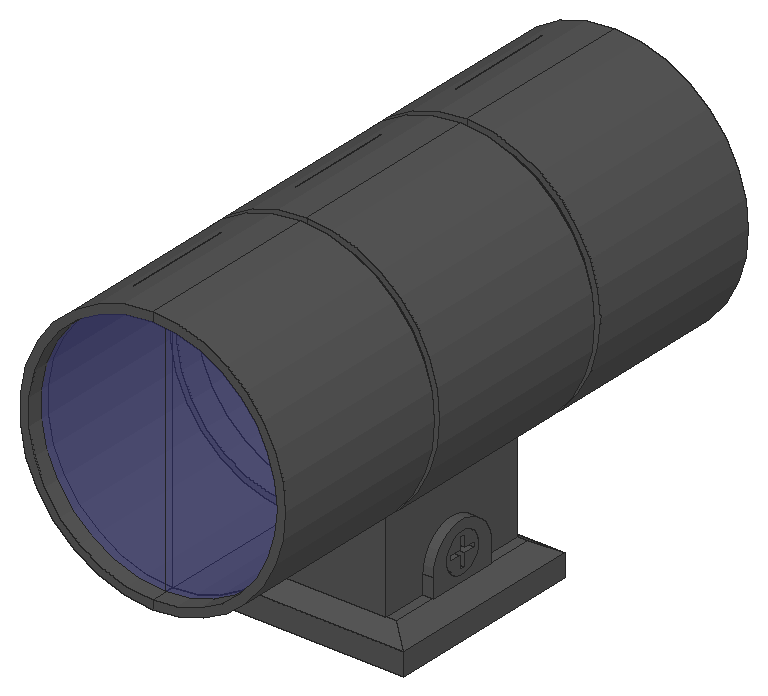
Revit family "CARLO CYLINDER LIGHT WALL MOUNT", category Lighting Fixtures, host Face, Revit 2020 (continued)
Types (10): name | Wattage_Input | Wattage Comments | Wattage | Photometric Web File | built-in parameter 1150142 | Model | built-in parameter 1150105 | Lumens | Light Length 1 | LIGHT RADIUS | LIGHT PLACEMENT | LIGHT LENGTH | LIGHT DIA | built-in parameter 1150106 | FIXED END HEIGHT | Curve base Height | Base Curve | BEAMING ANGLE | Apparent Load
    3317 1.3957 1.4636 1.5431 1.6333 1.7364 1.8509 1.9767 \r\n 2.1129 2.2563 2.4133 2.5855 2.7837 3.0239 3.2917 3.5744 3.8835 4.2236 \r\n 4.6028 5.0456 5.5072 5.932 6.3771 6.8999 7.4443 7.9613 8.4867 9.0538 \r\n 9.6204 10.137 10.658 11.243 11.829 12.349 12.872 13.461 14.074 14.672 \r\n 15.3 15.968 16.741 17.664 18.81 20.219 22.044 24.558 27.439 29.466 \r\n 33.614 42.914 55.978 73.19 92.268 110.54 129.55 150.6 171.83 191.96 \r\n 210.59 227.09 240.86 250.67 257.76 262.66 266.22 269.44 272.29 275.07 \r\n 277.81 280.7 283.65 286.7 289.66 292.19 294.74 297.85 300.97 303.63 \r\n 306.21 309.02 311.79 314.36 316.81 319.13 321.49 324.04 326.72 329.47 \r\n 332.41 335.64 339.14 342.8 346.88 351.54 356.92 363.05 370.4 379.19 \r\n 390.25 404.26 421.91 443.63 470.88 504.94 546.78 597.6 658.06 728.4 \r\n 811.07 912.23 1021 1119.7 1234.4 1392 1572 1764.3 1964.6 2165 \r\n 2366.8 2570.5 2770.5 2964.1 3143.2 3298.1 3430.2 3538.6 3620 3666.8 \r\n 3691.1 3698.7 3701.4 3716.4 3732.4 3743.4 3750.6 3753.3 3751.5 3744.9 \r\n 3733.6 \r\n3725 3723.2 3717.7 3711.8 3700.5 3681.7 3648.1 3591.4 3511.6 3406.6 \r\n 3273.7 3102 2914.6 2732.7 2549.7 2367.3 2181.7 1985.5 1790.4 1603.8 \r\n 1429.9 1275.8 1140.1 1026.2 927.36 838.26 758.87 687.12 623.9 569.72 \r\n 523.59 484.91 453.02 427.52 407.12 390.56 377.37 366.85 358.47 351.59 \r\n 345.93 340.97 336.73 333.14 329.92 326.73 323.69 320.85 318.09 315.26 \r\n 312.53 310.04 307.71 305.56 303.39 300.85 298.38 296.33 294.5 292.79 \r\n 291.21 289.74 288.3 286.77 285.24 283.71 282.25 280.96 279.74 278.68 \r\n 277.45 276.82 273.54 263.08 250.1 238.23 226.05 214.43 200.26 179.26 \r\n 155.83 133.06 110.71 89.371 69.667 51.835 37.608 29.844 25.407 22.098 \r\n 19.976 18.4 17.276 16.275 15.46 14.801 14.233 13.681 13.146 12.606 \r\n 12.065 11.516 10.971 10.443 9.9194 9.3885 8.8523 8.3026 7.7593 7.2464 \r\n 6.7434 6.2292 5.7306 5.2765 4.8386 4.3852 3.9551 3.5797 3.2493 2.9707 \r\n 2.7266 2.5003 2.2965 2.1144 1.9543 1.8183 1.6998 1.594 1.4983 1.4066 \r\n 1.3252 1.263 1.2058 1.138 1.0727 1.0211 0.97456 0.92582 0.88145 0.84834 \r\n 0.81822 0.7834 0.74914 0.71878 0.69045 0.66402 0.63765 0.60845 0.57993 0.55623 \r\n 0.53261 0.50466 0.47563 0.4478 0.41963 0.38913 0.35991 0.33657 0.31418 0.28827 \r\n 0.26205 0.23749 0.21394 0.19168 0.16993 0.14797 0.12594 0.10263 0.081341 0.06693 \r\n 0.053486 0.03415 0.016636 0.0078707 0.0033551 0.0011302 0.00050322 0.000076 0.000005 0 \r\n 0.00015037 0.0070773 0.018526 0.035333 0.054847 0.074877 0.094886 0.11221 0.13104 0.15613 \r\n 0.18316 0.20916 0.23478 0.25955 0.28383 0.30772 0.33157 0.35543 0.38036 0.40807 \r\n 0.43666 0.46379 0.49247 0.52655 0.5611 0.5914 0.62063 0.65037 0.68075 0.7126 \r\n 0.7455 0.77927 0.81411 0.85265 0.89451 0.94066 0.98961 1.0402 1.0925 1.1446 \r\n 1.2014 1.2697 1.3412 1.4064 1.4752 1.554 1.6439 1.7487 1.8658 1.9941 \r\n 2.1325 2.2772 2.4352 2.6089 2.8079 3.0461 3.3131 3.6008 3.9157 4.2584 \r\n 4.6392 5.083 5.5458 5.9737 6.4217 6.9443 7.488 8.0058 8.5324 9.1013 \r\n 9.6692 10.186 10.707 11.29 11.873 12.387 12.908 13.504 14.125 14.723 \r\n 15.355 16.047 16.854 17.818 19.011 20.457 22.334 24.895 27.935 30.36 \r\n 35.096 45.234 59.175 77.162 96.764 114.96 133.76 155 176.15 195.04 \r\n 212.48 229.1 243.37 253.7 260.95 264.8 267.19 270.21 273.11 275.79 \r\n 278.43 281.25 284.14 287.13 290.03 292.52 295.06 298.21 301.39 304.1 \r\n 306.75 309.66 312.56 315.21 317.73 320.08 322.45 325.04 327.78 330.67 \r\n 333.75 337.07 340.63 344.39 348.59 353.44 359.04 365.36 372.98 382.22 \r\n 393.87 408.63 427.16 449.9 478.29 513.61 556.82 609.1 671.14 743.15 \r\n 827.75 931.18 1042.7 1145.6 1264.5 1425.1 1607.2 1800.4 2000.4 2198.8 \r\n 2398.1 2600.2 2798.8 2991.5 3169 3320.4 3448 3551.1 3627.6 3670.5 \r\n 3692.9 3702.3 3707.6 3723.3 3739.2 3749.3 3755.2 3756.6 3753.6 3746 \r\n 3733.6 \r\n3725 3724.1 3719.6 3714.5 3704.7 3689 3659.6 3608.9 3535.6 3436 \r\n 3308.9 3145.8 2965.5 2785.5 2601.6 2416.4 2227.6 2030.7 1834.8 1645.2 \r\n 1467.3 1307.7 1168.4 1058.1 963.4 872.82 789.04 709.37 638.49 581.69 \r\n 534.44 493.91 460.39 433.71 412.37 394.94 381.05 370.01 361.26 354.09 \r\n 348.19 343 338.56 334.85 331.5 328.08 324.78 321.67 318.63 315.52 \r\n 312.47 309.54 306.76 304.23 301.69 298.71 295.81 293.48 291.41 289.4 \r\n 287.53 285.8 284.17 282.57 281.04 279.56 278.21 277.07 276.02 275.03 \r\n 273.86 273.07 270.18 261.8 251.21 241.01 229.79 217.61 202.72 182.28 \r\n 159.59 136.87 114.55 93.865 74.599 56.113 40.877 32.153 26.934 23.41 \r\n 21.247 19.485 18.184 17.077 16.183 15.455 14.828 14.22 13.639 13.067 \r\n 12.501 11.934 11.371 10.816 10.266 9.7163 9.1625 8.5873 8.0214 7.5006 \r\n 6.992 6.4635 5.9484 5.4777 5.0255 4.566 4.13 3.741 3.3957 3.1058 \r\n 2.8503 2.6091 2.3917 2.2017 2.0365 1.8979 1.7769 1.6652 1.5629 1.4655 \r\n 1.3789 1.3123 1.252 1.1833 1.1176 1.0639 1.015 0.96512 0.91917 0.88224 \r\n 0.8484 0.81241 0.77721 0.74395 0.71273 0.68524 0.65795 0.62689 0.59693 0.57379 \r\n 0.55091 0.52208 0.49207 0.46439 0.43669 0.40684 0.37773 0.3526 0.32833 0.30217 \r\n 0.27618 0.2516 0.22805 0.20583 0.18415 0.16235 0.1403 0.11634 0.094433 0.080303 \r\n 0.06703 0.046877 0.028017 0.017633 0.010957 0.0053111 0.0016002 0.00022469 0.000017 0 \r\n 0.00011251 0.0047809 0.013864 0.029938 0.049296 0.069267 0.089325 0.10664 0.12545 0.15057 \r\n 0.1775 0.20294 0.22825 0.25399 0.27931 0.30313 0.32686 0.35151 0.37728 0.40527 \r\n 0.43383 0.46048 0.48873 0.52318 0.55807 0.5879 0.61651 0.64583 0.67609 0.70847 \r\n 0.74207 0.77624 0.81149 0.85013 0.89157 0.93627 0.98344 1.0322 1.0833 1.136 \r\n 1.1936 1.2609 1.3315 1.3982 1.4686 1.5476 1.6373 1.7424 1.8601 1.9895 \r\n 2.1293 2.2754 2.4351 2.6124 2.8131 3.0455 3.3067 3.5959 3.9157 4.2664 \r\n 4.6545 5.0991 5.5623 5.9962 6.4487 6.9677 7.5056 8.0198 8.5437 9.1113 \r\n 9.6785 10.194 10.714 11.294 11.875 12.39 12.914 13.517 14.147 14.749 \r\n 15.395 16.124 16.978 17.991 19.238 20.74 22.692 25.29 28.545 31.619 \r\n 37.256 48.522 63.616 82.582 102.96 121.56 140.57 162.24 183.27 200.35 \r\n 215.76 231.23 245.02 256.08 264.11 267.5 269.18 271.84 274.48 276.94 \r\n 279.41 282.03 284.74 287.55 290.32 292.78 295.32 298.46 301.64 304.38 \r\n 307.04 309.96 312.85 315.52 318.04 320.36 322.68 325.24 327.98 330.93 \r\n 334.08 337.41 340.98 344.78 349.05 354.02 359.78 366.22 374.09 383.86 \r\n 396.28 412.02 431.76 455.99 485.97 522.78 567.42 620.95 684.22 757.63 \r\n 843.59 947.3 1060.9 1172 1299.2 1462.7 1645.9 1841.2 2042.1 2237.7 \r\n 2433 2631.2 2826.7 3019.5 3197 3345.1 3468 3565.4 3636.3 3675.2 \r\n 3695.5 3707.4 3715.6 3731 3745.6 3754.7 3759.5 3759.5 3755 3746.1 \r\n 3733.6 \r\n3725 3725.1 3721.5 3717.1 3708.5 3695.3 3669.7 3624.7 3557.7 3463.5 \r\n 3342.8 3189.6 3017.8 2839.8 2654.8 2466 2273.5 2076.2 1879.9 1687.8 \r\n 1506.4 1342 1199.4 1092.3 1001 908.66 820.32 732.48 653.75 594.28 \r\n 545.94 503.58 468.41 440.5 418.15 399.79 385.11 373.5 364.31 356.8 \r\n 350.64 345.22 340.58 336.73 333.23 329.58 326.01 322.65 319.34 315.97 \r\n 312.6 309.24 305.98 303.06 300.13 296.71 293.4 290.78 288.44 286.12 \r\n 283.93 281.93 280.09 278.41 276.87 275.43 274.16 273.17 272.26 271.33 \r\n 270.19 269.14 266.58 260.46 252.42 243.91 233.53 220.4 204.46 184.75 \r\n 163.08 140.55 118.33 98.319 79.519 60.573 44.495 34.747 28.623 24.832 \r\n 22.592 20.626 19.137 17.912 16.931 16.124 15.431 14.764 14.134 13.529 \r\n 12.94 12.353 11.772 11.191 10.614 10.045 9.473 8.8735 8.2862 7.7569 \r\n 7.2421 6.7011 6.1711 5.6829 5.2156 4.7514 4.3113 3.9094 3.5492 3.2467 \r\n 2.9788 2.7231 2.4926 2.2947 2.1244 1.9828 1.8589 1.741 1.6319 1.5287 \r\n 1.4367 1.3649 1.3007 1.2315 1.1659 1.11 1.0586 1.0075 0.95977 0.91844 \r\n 0.88033 0.84318 0.80717 0.77098 0.73675 0.70785 0.67927 0.6465 0.61529 0.59258 \r\n 0.57029 0.54054 0.50961 0.48222 0.45518 0.4261 0.39716 0.37013 0.34383 0.31744 \r\n 0.29171 0.26716 0.24364 0.22144 0.19979 0.1781 0.15603 0.13151 0.10906 0.095088 \r\n 0.081849 0.060986 0.040795 0.028329 0.018963 0.009633 0.0026986 0.00034863 0.000028 0 \r\n 0.000070 0.002258 0.0085985 0.023275 0.041887 0.061709 0.081892 0.099233 0.11806 0.14316 \r\n 0.16997 0.19484 0.21985 0.24649 0.27285 0.2967 0.32047 0.34606 0.37278 0.40097 \r\n 0.42937 0.45554 0.48331 0.51782 0.55277 0.58218 0.61023 0.63892 0.66881 0.70162 \r\n 0.73589 0.77051 0.80618 0.84466 0.88534 0.92824 0.97325 1.0197 1.0692 1.1229 \r\n 1.1814 1.2472 1.3165 1.3844 1.4565 1.5357 1.6251 1.7297 1.8471 1.9768 \r\n 2.1173 2.2645 2.4258 2.6065 2.8086 3.0342 3.2885 3.5778 3.9013 4.26 \r\n 4.6554 5.1 5.5626 6.0027 6.4602 6.9746 7.5057 8.0156 8.5363 9.102 \r\n 9.6683 10.185 10.704 11.281 11.86 12.38 12.911 13.522 14.161 14.772 \r\n 15.435 16.203 17.107 18.168 19.47 21.033 23.064 25.695 29.164 32.916 \r\n 39.468 51.806 67.973 87.819 108.9 127.97 147.28 169.3 190.12 205.46 \r\n 218.85 232.96 246.06 257.84 266.76 269.95 271.15 273.5 275.88 278.16 \r\n 280.48 282.92 285.44 288.05 290.66 293.07 295.61 298.69 301.83 304.55 \r\n 307.21 310.08 312.92 315.57 318.08 320.34 322.6 325.12 327.84 330.82 \r\n 334.01 337.34 340.91 344.73 349.05 354.11 359.98 366.51 374.61 384.88 \r\n 398.02 414.69 435.58 461.27 492.77 530.94 576.82 631.34 695.62 770.46 \r\n 857.71 960.95 1075.8 1195.1 1330.8 1496.5 1680.1 1877.3 2078.9 2271.8 \r\n 2463.1 2657.1 2849.3 3042.6 3220.6 3366.1 3484.9 3577.2 3643.2 3678.6 \r\n 3697.4 3712.3 3723.8 3738.6 3751.5 3759.6 3763.4 3762.1 3756.2 3746 \r\n 3733.6 \r\n3725 3726.3 3723.5 3719.7 3712 3701 3678.8 3639.2 3578.5 3490.1 \r\n 3376.2 3233.9 3071.6 2896.1 2710.1 2517.8 2321.5 2124.1 1927.9 1733.6 \r\n 1549.2 1380.4 1234.6 1129.2 1039.7 945.08 852.14 756.53 670.37 608.18 \r\n 558.56 514.31 477.43 448.18 424.68 405.25 389.66 377.36 367.65 359.74 \r\n 353.27 347.59 342.75 338.72 335.05 331.16 327.35 323.74 320.18 316.59 \r\n 312.96 309.19 305.51 302.23 298.95 295.16 291.5 288.63 286.05 283.43 \r\n 280.96 278.7 276.66 274.9 273.34 271.93 270.71 269.81 268.99 268.08 \r\n 266.93 265.57 263.28 259.36 253.82 246.94 237.32 223.09 206.01 187.19 \r\n 166.73 144.49 122.42 103 84.608 65.327 48.521 37.666 30.504 26.348 \r\n 23.959 21.768 20.09 18.735 17.656 16.765 16.002 15.275 14.599 13.964 \r\n 13.353 12.748 12.149 11.545 10.945 10.358 9.7695 9.1499 8.5448 8.0068 \r\n 7.4851 6.9339 6.3915 5.886 5.4034 4.9358 4.493 4.0789 3.7039 3.3878 \r\n 3.1064 2.8372 2.5951 2.3895 2.2138 2.0686 1.9411 1.8169 1.701 1.592 \r\n 1.4947 1.4172 1.3485 1.2787 1.2132 1.1552 1.1013 1.0489 0.99953 0.95372 \r\n 0.91127 0.87303 0.83635 0.79758 0.76057 0.72998 0.69985 0.66563 0.63344 0.61099 \r\n 0.58905 0.55841 0.52664 0.49964 0.47332 0.44505 0.41631 0.38749 0.35927 0.33266 \r\n 0.30717 0.28263 0.25912 0.2369 0.21521 0.19356 0.17143 0.14655 0.1237 0.10966 \r\n 0.096244 0.074842 0.053491 0.038713 0.026432 0.013579 0.0036556 0.00042565 0.000038 0 \r\n 0.000030 0 0.003665 0.016653 0.034183 0.053817 0.074159 0.091515 0.11035 0.13544 \r\n 0.16214 0.18646 0.21114 0.23857 0.26585 0.28981 0.31372 0.3403 0.36796 0.39626 \r\n 0.42441 0.45011 0.47739 0.51165 0.54638 0.57546 0.60308 0.63106 0.66043 0.69348 \r\n 0.72825 0.76331 0.79939 0.83749 0.87717 0.91819 0.96096 1.005 1.0529 1.1074 \r\n 1.167 1.231 1.2986 1.3675 1.4411 1.5205 1.6095 1.713 1.8291 1.9583 \r\n 2.0989 2.247 2.4096 2.5928 2.7956 3.0147 3.2623 3.5503 3.8758 4.2412 \r\n 4.6429 5.0864 5.5476 5.9936 6.4559 6.9658 7.49 7.9957 8.5134 9.0772 \r\n 9.643 10.161 10.682 11.257 11.836 12.363 12.904 13.523 14.172 14.795 \r\n 15.479 16.285 17.236 18.343 19.699 21.326 23.437 26.099 29.766 34.154 \r\n 41.54 54.799 71.858 92.396 114.03 133.56 153.15 175.36 195.87 209.75 \r\n 221.41 234.17 246.5 258.88 268.66 271.86 272.83 274.98 277.16 279.34 \r\n 281.57 283.86 286.22 288.64 291.08 293.44 295.94 298.93 301.97 304.65 \r\n 307.27 310.05 312.8 315.41 317.88 320.08 322.29 324.77 327.46 330.45 \r\n 333.66 336.97 340.54 344.37 348.73 353.84 359.79 366.39 374.66 385.35 \r\n 399.12 416.59 438.47 465.43 498.24 537.54 584.39 639.6 704.68 781.16 \r\n 869.79 972.06 1087.4 1213.8 1356.8 1523.9 1707.3 1905.9 2108 2298.6 \r\n 2486.4 2676.4 2865.7 3059.5 3238.3 3381.9 3497.7 3585.8 3647.9 3680.6 \r\n 3698.8 3716.9 3731.8 3745.8 3757 3764.1 3766.9 3764.4 3757.2 3745.9 \r\n 3733.6 \r\n3725 3727.5 3725.8 3722.4 3715.5 3706.2 3687.1 3652.7 3598.4 3516.5 \r\n 3410.2 3279.1 3126.7 2954.5 2768.3 2573.1 2373.6 2176.4 1980.7 1784.8 \r\n 1597.7 1424.8 1275.2 1169.1 1078.9 981.35 883.97 781.59 689.05 624.06 \r\n 572.81 526.52 487.8 457 432.16 411.46 394.79 381.67 371.31 362.9 \r\n 356.04 350.09 345.02 340.76 336.86 332.76 328.73 324.91 321.16 317.39 \r\n 313.57 309.5 305.49 301.94 298.41 294.37 290.49 287.42 284.66 281.82 \r\n 279.14 276.69 274.49 272.66 271.07 269.64 268.43 267.55 266.74 265.8 \r\n 264.6 262.89 260.79 258.8 255.5 250.1 241.21 225.97 207.91 190.09 \r\n 170.97 149.08 127.17 108.19 90.048 70.485 53.011 40.951 32.606 27.943 \r\n 25.294 22.857 20.999 19.5 18.313 17.332 16.5 15.719 15.002 14.342 \r\n 13.714 13.093 12.479 11.858 11.24 10.64 10.038 9.4051 8.7881 8.2414 \r\n 7.7122 7.1538 6.6026 6.081 5.5837 5.1136 4.6689 4.2437 3.8544 3.5232 \r\n 3.2273 2.9466 2.6949 2.482 2.3004 2.1506 2.0185 1.8881 1.7657 1.6513 \r\n 1.5489 1.4654 1.3919 1.3212 1.2555 1.1952 1.139 1.0856 1.0347 0.98485 \r\n 0.93846 0.89927 0.86212 0.82142 0.78223 0.74978 0.71792 0.68264 0.64984 0.62739 \r\n 0.60547 0.57402 0.54159 0.51499 0.48936 0.46182 0.4333 0.40303 0.37324 0.3464 \r\n 0.32106 0.29649 0.27293 0.25061 0.22881 0.20707 0.18485 0.15985 0.13681 0.1224 \r\n 0.10851 0.086813 0.064628 0.04754 0.032426 0.016632 0.0043281 0.00043328 0.000045 0 \r\n 0 0 0 0.011378 0.027749 0.0472 0.067696 0.085008 0.1038 0.12895 \r\n 0.15559 0.1794 0.20373 0.23173 0.25973 0.28382 0.30792 0.33542 0.36392 0.39222 \r\n 0.42002 0.44535 0.47216 0.50588 0.54011 0.56897 0.59634 0.62366 0.65244 0.68546 \r\n 0.72044 0.75588 0.79234 0.82987 0.86842 0.90772 0.94852 0.9913 1.0366 1.092 \r\n 1.1525 1.2147 1.2806 1.3501 1.4246 1.5042 1.5927 1.6944 1.8085 1.9365 \r\n 2.0765 2.2251 2.3886 2.573 2.7755 2.9894 3.2314 3.517 3.8426 4.2122 \r\n 4.618 5.0592 5.5181 5.9691 6.4356 6.9416 7.4602 7.9627 8.4782 9.0408 \r\n 9.607 10.129 10.654 11.227 11.807 12.344 12.898 13.526 14.186 14.825 \r\n 15.532 16.371 17.361 18.511 19.917 21.609 23.797 26.492 30.322 35.236 \r\n 43.285 57.212 74.884 95.842 117.81 137.69 157.48 179.62 199.73 212.61 \r\n 223.12 234.73 246.33 259.11 269.55 272.93 273.94 276.06 278.19 280.38 \r\n 282.61 284.83 287.07 289.33 291.62 293.91 296.34 299.18 302.08 304.68 \r\n 307.23 309.88 312.51 315.06 317.5 319.65 321.81 324.25 326.93 329.91 \r\n 333.11 336.42 339.99 343.83 348.2 353.35 359.35 365.97 374.37 385.38 \r\n 399.6 417.66 440.27 468.18 501.95 542 589.5 645.06 710.77 789.21 \r\n 879.48 980.56 1095.4 1226.6 1374.6 1542.2 1725.1 1924.4 2126.7 2315.5 \r\n 2500.9 2687.8 2874.7 3069 3248.6 3391.4 3505.6 3590.8 3650.1 3681.3 \r\n 3699.5 3720.9 3739 3752.4 3761.8 3768.1 3769.9 3766.4 3758.2 3745.9 \r\n 3733.6 \r\n3725 3728.5 3728.3 3725.2 3719 3711.6 3695.9 3667.5 3621 3549 \r\n 3453.1 3331.4 3187 3020.8 2838.5 2643.4 2443.2 2247.8 2053.5 1856.7 \r\n 1666.7 1488.3 1331 1214.1 1113.8 1011.1 910.9 807.27 713.72 645.85 \r\n 591.4 542.57 501.55 468.6 441.79 419.33 401.13 386.79 375.46 366.27 \r\n 358.82 352.48 347.1 342.42 338.16 333.92 329.83 325.93 322.14 318.4 \r\n 314.65 310.74 306.93 303.57 300.27 296.58 293.04 290.15 287.54 284.92 \r\n 282.45 280.2 278.14 276.29 274.61 273.04 271.63 270.46 269.35 268.18 \r\n 266.77 264.78 262.59 260.99 258.37 253.96 246.04 231.25 213.69 197.2 \r\n 179.23 157.4 135.13 115.82 97.205 77.032 58.634 44.9 34.9 29.355 \r\n 26.202 23.545 21.601 19.94 18.61 17.54 16.654 15.853 15.136 14.473 \r\n 13.845 13.219 12.603 11.992 11.386 10.79 10.193 9.576 8.9713 8.4152 \r\n 7.8739 7.3194 6.7716 6.2381 5.7275 5.2554 4.8088 4.3731 3.969 3.6167 \r\n 3.3026 3.0197 2.7689 2.5496 2.3597 2.2014 2.0612 1.9246 1.7974 1.6794 \r\n 1.5734 1.4847 1.406 1.3313 1.2626 1.2004 1.1431 1.0899 1.0395 0.98891 \r\n 0.94186 0.9028 0.86627 0.82716 0.78895 0.75451 0.72065 0.68583 0.65375 0.63043 \r\n 0.60745 0.57573 0.54328 0.51669 0.49113 0.46364 0.43527 0.40555 0.37617 0.34896 \r\n 0.32304 0.29813 0.27424 0.25151 0.2293 0.20707 0.18465 0.16059 0.13818 0.12213 \r\n 0.10664 0.085871 0.06466 0.046123 0.029561 0.014485 0.0033781 0.000074 0.000038 0 \r\n 0.000039 0.00061859 0.0048275 0.017167 0.033904 0.053495 0.073866 0.090732 0.10918 0.13477 \r\n 0.16183 0.18519 0.20895 0.23683 0.26482 0.28878 0.31284 0.34075 0.36954 0.39741 \r\n 0.42468 0.45 0.47661 0.50905 0.54212 0.57118 0.59908 0.62664 0.65526 0.68692 \r\n 
